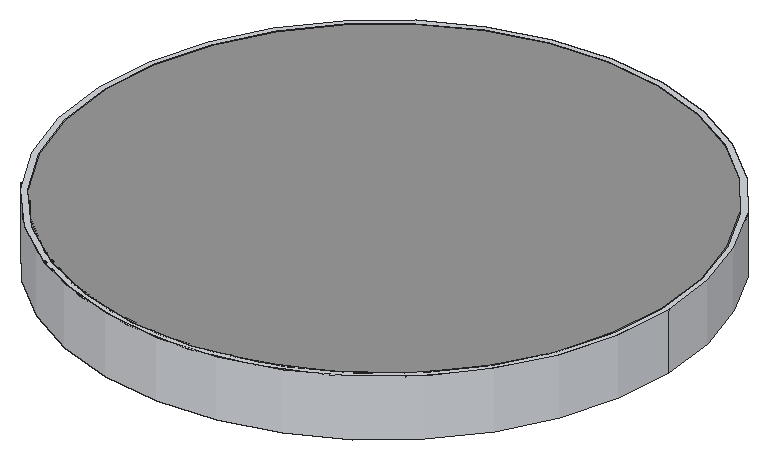
Revit family "2071194", category Lighting Fixtures, host Face, Revit 2018
Family settings
  Host = Face
  Round Connector Dimension = Use Diameter
  Part Type = Normal
  OmniClass Number = 23.80.70.00
  OmniClass Title = Lighting
  Cut with Voids When Loaded = No
  Light Source = Yes
  Shared = No
  Room Calculation Point = No
Parameters (values of type "2071194 COLOSSAL 600 940 PR DIR WHT DALI EM")
  iner diameter = 588 mm
  Weight = "n/a"
  Wattage Comments = ""
  Wattage = 30 W
  WarrantyStartDate [instance] = "n/a"
  WarrantyGuarantorParts = "n/a"
  WarrantyDurationUnit = "n/a"
  WarrantyDurationParts = ""
  WarrantyDescription = "http://www.sylvania-lighting.com"
  built-in parameter 1150110 = 1 (stored number, unit not read)
  Voltage = 230 V
  URL = "0.99"
  TypeName = "COLOSSAL 600mm 940 PRISM DIR WHITE DALI EM"
  Type Image = <None>
  Type Comments = "n/a"
  built-in parameter 1114217 = 1 (stored number, unit not read)
  Tilt Angle = -90.00°
  built-in parameter 1150109 = 1 (stored number, unit not read)
  built-in parameter 1150134 = (empty or 0)
  built-in parameter 1150113 = 1 (stored number, unit not read)
  SerialNumber [instance] = "n/a"
  Photometric Web File = "2071194.ies"
  Material_3_SYL = LED-Sylvania
  PowerFactor = 0
  PowerConsumption = "Lighting"
  NominalLength = 600 mm
  NominalHeight = 93 mm
  NominalDepth = 600 mm
  Name = "COLOSSAL 600mm 940 PRISM DIR WHITE DALI EM"
  ModelReference = Name  # "COLOSSAL 600mm 940 PRISM DIR WHITE DALI EM"
  ModelNumber = "2071194"
  Model = Name  # "COLOSSAL 600mm 940 PRISM DIR WHITE DALI EM"
  Material = "Feilo Sylvania"
  ManufacturerName = "106 lm/W"
  Manufacturer = ""
  LuminousEfficacy = ""
  built-in parameter 1150105 = 270.44 (stored number, unit not read)
  Lumens = 3398.4 lm
  LuminaireType = "0"
  built-in parameter 1150115 = 1 (stored number, unit not read)
  LightOutputRatio = "LED"
  built-in parameter 1150137 = (empty or 0)
  built-in parameter 1150139 = (empty or 0)
  LampsType = Lamp  # "n/a"
  LampNominalLuminous = "4000 K"
  LampMacAdamStep = "90"
  LampColourTemperature = "LED"
  LampColourRenderingIndex = "16500"
  built-in parameter 1150112 = 1 (stored number, unit not read)
  built-in parameter 1150114 = 1 (stored number, unit not read)
  Lamp = "n/a"
  Keynote = "n/a"
  InstallationDate [instance] = "n/a"
  InputVoltage = "0"
  InputNominalFrequency = "4000"
  built-in parameter 1150132 = (empty or 0)
  built-in parameter 1150102 = (empty or 0)
  built-in parameter 1150107 = 3000 (stored number, unit not read)
  built-in parameter 1150138 = (empty or 0)
  IngressProtection = "IfcLightFixtureType"
  ImpactProtectionIndex = "IfcLightFixtureType"
  built-in parameter 1150106 = 2.7044 (stored number, unit not read)
  IfcExportType = "IfcLightFixtureType"
  IfcExportAs = "Class I"
  Emit from Circle Diameter = 385 mm
  Emit Shape Visible in Rendering = no
  ElectricShockClassification = "106"
  built-in parameter 1150104 = 10.524 (stored number, unit not read)
  DocumentationLiterature = "http://www.sylvania-lighting.com/product/en-int/products/2071194"
  DimmingControlOptions = "n/a"
  Material_2_SYL = Polycarbonate_Sylvania_White
  Dimming Lamp Color Temperature Shift = <None>
  Description = "600mm diameter circular architectural luminaire, can be surface mounted or suspended. Powder coated aluminium housing (RAL9016) with PMMA prismatic diffuser. Direct light distribution, 3400lm luminuous flux, 32.1W system power, 106lm/W luminiaire efficacy. DALI dimmable. 3 hours integrated emergency. Colour rendering index Ra >90, 4000K Neutral White LED, chromaticity tolerance of 3-step MacAdam ellipse. IP40, IK03. 350mA drive current. UGR≤19. Electrical protection Class1, 220-240V. Reported lifetime 66k hours L90B10."
  Default Elevation = 1219.2 mm
  CreatedOn = "23/03/2022"
  CreatedBy = "@sylvania-lighting.com"
  Cost = 0
  Color Filter = 16777215
  built-in parameter 1114216 [instance] = (empty or 0)
  ClassificationValue = "EF_70_80"
  ClassificationName = "Uniclass2015"
  Material_1_SYL = Polycarbonate_Sylvania_Opal
  BarCode [instance] = "n/a"
  built-in parameter 1114218 = 1 (stored number, unit not read)
  built-in parameter 1150133 = 10 (stored number, unit not read)
  AssetType = "Fixed"
  AssetIdentifier [instance] = "n/a"
  Assembly Code = "D5020200"
  Apparent Load = 32.1 VA
  Material_4_SYL = none
Reference planes
  plane 1 "Center (Front/Back)": y = 0
  plane 2: z = 0
  plane 3 "Center (Left/Right)": x = 0
  plane 4: x = -300
  plane 5: x = 300
  plane 6: y = 300
  plane 7: y = -300
  plane 8: y = 212
  plane 9: y = -212
  plane 10: z = 93
  plane 11: y = 294
  plane 12: y = -294
  plane 13: through (0, 0, 1219.2) normal (0.5, -0.866, 0)
  plane 14: through (-134.29, 20.617, 1219.2) normal (0.5, -0.866, 0)
  plane 15: through (-144.685, -181.683, 1219.2) normal (-0.5, 0.866, 0)
  plane 16: through (0, 0, 1219.2) normal (0.5, 0.866, 0)
  plane 17: through (178.555, -4.939, 1219.2) normal (0.5, 0.866, 0)
  plane 18: through (87.581, -148.715, 1219.2) normal (0.5, 0.866, 0)
  plane 19: y = 272
  plane 20: through (105.168, 227.067, 1219.2) normal (0.866, 0.5, 0)
  plane 21: through (-104.171, 225.672, 1219.2) normal (0.8572, -0.515, 0)
  plane 22: y = -204.612
  plane 23: through (-296.643, -30.2, 1219.2) normal (0.866, 0.5, 0)
  plane 24: through (153.092, -278.837, 1219.2) normal (-0.866, 0.5, 0)
Forms (mm)
  Extrusion 1, solid, detail levels medium+fine
    sketch origin (0, 0, 0) x (1, 0, 0) y (0, 1, 0)
      loop
        circle (0, 0) r 300
    from 33.023 to 93
  Extrusion 2, void
    sketch origin (0, 0, 0) x (1, 0, 0) y (0, 1, 0)
      loop
        circle (0, 0) r 294
    from 93 to 37.292
  Extrusion 3, solid, material "Glass, White, High Luminance", detail levels fine
    sketch origin (0, 0, 0) x (1, 0, 0) y (0, 1, 0)
      loop
        circle (0, 0) r 294
    from 88.026 to 93
  Extrusion 4, solid, detail levels coarse
    sketch origin (0, 0, 0) x (1, 0, 0) y (0, 1, 0)
      loop
        line (-300, 300) -> (-300, -300) -> (300, -300) -> (300, 300) -> (-300, 300)
    from 0 to 93
  Blend 5, solid, detail levels medium+fine
    base sketch origin (0, 0, 0) x (1, 0, 0) y (0, 1, 0)
      loop
        line (-76.334, 272) -> (-277.665, -63.07) -> (-195.946, -204.612) -> (195.946, -204.612) -> (275.172, -67.388) -> (79.226, 272) -> (-76.334, 272)
    top sketch origin (0, 0, 0) x (1, 0, 0) y (0, 1, 0)
      loop
        line (-226.097, -32.388) -> (-141.097, -179.612) -> (141.097, -179.612) -> (226.097, -32.388) -> (85, 212) -> (-85, 212) -> (-226.097, -32.388)
    from 33.023 to 0
Cuts and joins
  Extrusion 2 cuts Extrusion 1
Lines and regions (mm)
  model lines
    curve 1: line (-85, 212, 0) -> (0, 212, 0)
    curve 2: line (0, 212, 0) -> (85, 212, 0)
Dimensions and locks
  "NominalDepth": plane 6 to plane 7
  "NominalLength": plane 4 to plane 5
  equal spacing: plane 4, plane 3 "Center (Left/Right)", plane 5
  "iner diameter": plane 11 to plane 12
  equal spacing: plane 11, plane 1 "Center (Front/Back)", plane 12
  equal spacing: plane 6, plane 1 "Center (Front/Back)", plane 7
  "NominalHeight": plane 10 to level
  radius of Extrusion 2 sketch curve = 294 mm
  aligned and locked: plane 2 to host face
  aligned and locked: level to host face
Automatic sketch dimensions
  host sketch curve to host sketch curve = 2438.4 mm  (x2)
  plane 1 "Center (Front/Back)" to Extrusion 1 sketch curve = 0 mm
  Extrusion 1 sketch curve to plane 3 "Center (Left/Right)" = 0 mm
  plane 1 "Center (Front/Back)" to Extrusion 2 sketch curve = 0 mm
  Extrusion 2 sketch curve to plane 3 "Center (Left/Right)" = 0 mm
  plane 1 "Center (Front/Back)" to Extrusion 3 sketch curve = 0 mm
  Extrusion 3 sketch curve to plane 3 "Center (Left/Right)" = 0 mm
  Extrusion 4 sketch curve to plane 4 = 0 mm
  Extrusion 4 sketch curve to plane 5 = 0 mm
  Extrusion 4 sketch curve to plane 7 = 0 mm
  Extrusion 4 sketch curve to plane 6 = 0 mm
  Blend 5 sketch curve to plane 8 = 0 mm
  Blend 5 sketch curve to plane 3 "Center (Left/Right)" = 85 mm
  plane 3 "Center (Left/Right)" to Blend 5 sketch curve = 85 mm
  plane 9 to Blend 5 sketch curve = 32.388 mm
  plane 3 "Center (Left/Right)" to Blend 5 sketch curve = 141.097 mm
  plane 1 "Center (Front/Back)" to Blend 5 sketch curve = 32.388 mm  (x2)
  Blend 5 sketch curve to plane 5 = 73.903 mm
  Blend 5 sketch curve to plane 3 "Center (Left/Right)" = 141.097 mm
  plane 4 to Blend 5 sketch curve = 73.903 mm
  curve 1 to plane 8 = 0 mm
  curve 2 to plane 3 "Center (Left/Right)" = 0 mm
  curve 1 to plane 3 "Center (Left/Right)" = 85 mm
  curve 1 to curve 2 = 85 mm
  Blend 5 sketch curve to plane 21 = 0 mm
  Blend 5 sketch curve to plane 23 = 0 mm  (x2)
  Blend 5 sketch curve to plane 22 = 0 mm
  Blend 5 sketch curve to plane 19 = 0 mm
  plane 21 to Blend 5 sketch curve = 0 mm
  Blend 5 sketch curve to plane 20 = 0 mm  (x2)
  Blend 5 sketch curve to plane 24 = 0 mm  (x2)
  radius of Extrusion 1 sketch curve = 300 mm
  radius of Extrusion 3 sketch curve = 294 mm
Connectors
  electrical at (0, 0, 0), driven by "Apparent Load", driven by "PowerFactor", driven by "Voltage"
    settings: index 1, voltage 230 V, apparent load 32.1 VA, apparent load phase1 0 VA, apparent load phase2 0 VA, apparent load phase3 0 VA, power factor 0, load classification "Lighting", number of poles 1, system type 30, power factor state 1, is connector primary yes, connector utility no, sub classification motor no, connector description ""
